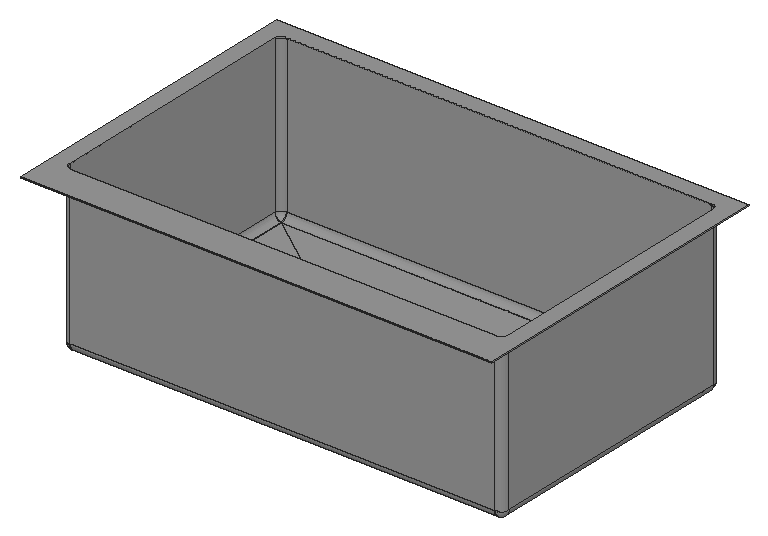
Revit family "BUILDMAT-SNBP005-Boden-700-Stainless-Steel", category Plumbing Fixtures, host Face, Revit 2020
Family settings
  Host = Face
  Round Connector Dimension = Use Diameter
  Part Type = Normal
  Cut with Voids When Loaded = No
  Shared = No
  Room Calculation Point = No
Parameters (values of type "Boden 700x475x250mm")
  Width = 650.0 mm
  Undermount [instance] = 20.0 mm
  URL = "https://www.buildmat.com.au/products/boden-belfast-stainless-steel-farmhouse-sink"
  Model = "SNBP005"  # constant formula
  Manufacturer URL = "https://www.buildmat.com.au/"
  Manufacturer = "BUILDMAT"  # constant formula
  Length = 400.0 mm
  Description = "BUILDMAT - Boden 700x475 Stainless Steel Farmhouse Sink"  # constant formula
  Depth = 250.0 mm
  Default Elevation = 1219.2 mm
  Created By URL = "https://www.buildmat.com.au/"
  Created By = "BUILDMAT"  # constant formula
  Created = "22.06.2022"  # constant formula
  Material = BUILDMAT Stainless Steel
Reference planes
  plane 1 "Center (Front/Back)": y = 0
  plane 2: z = 0
  plane 3 "Center (Left/Right)": x = 0
  plane 4 "Top Substrate": z = -20
  plane 5 "Left": x = -325
  plane 6 "Right": x = 325
  plane 7 "Back": y = 200
  plane 8 "Front": y = -200
  plane 9: x = -350
  plane 10: x = 350
  plane 11: y = -250
  plane 12: y = 225
  plane 13 "Bottom Void": z = -270
  plane 14: z = -18.5
  plane 15: x = -326.5
  plane 16: y = -201.5
  plane 17: x = 326.5
  plane 18: y = 201.5
  plane 19: z = -260
  plane 20: z = -250
  plane 21: x = -315
  plane 22: x = 315
  plane 23: y = -190
  plane 24: y = 190
  plane 25: z = -265
  plane 26: z = -261.5
  plane 27: z = -266.5
  plane 28: x = -100
  plane 29: x = 100
  plane 30 "Sound Pad": z = -150
  plane 31: x = -57
  plane 32: x = 57
  plane 33: x = -45
  plane 34: x = 45
Forms (mm)
  Extrusion 1, void
    sketch origin (0, 0, 0) x (1, 0, 0) y (0, 1, 0)
      loop
        arc (-315, 200) -> (-322.071, 197.071) -> (-325, 190) r 10
        line (-325, 190) -> (-325, -190)
        arc (-325, -190) -> (-322.071, -197.071) -> (-315, -200) r 10
        line (-315, -200) -> (315, -200)
        arc (315, -200) -> (322.071, -197.071) -> (325, -190) r 10
        line (325, -190) -> (325, 190)
        arc (325, 190) -> (322.071, 197.071) -> (315, 200) r 10
        line (315, 200) -> (-315, 200)
    from 0 to -18.5
  Extrusion 2, void
    sketch origin (0, 0, 0) x (1, 0, 0) y (0, 1, 0)
      loop
        line (-326.5, 201.5) -> (-326.5, -201.5) -> (326.5, -201.5) -> (326.5, 201.5) -> (-326.5, 201.5)
    from -20 to -270
  Extrusion 3, void
    sketch origin (0, 0, 0) x (1, 0, 0) y (0, 1, 0)
      loop
        line (-350, 225) -> (-350, -250) -> (350, -250) -> (350, 225) -> (-350, 225)
    from -18.5 to -20
  Extrusion 4, solid, material "BUILDMAT Stainless Steel" <- "Material"
    sketch origin (0, 0, -20) x (-1, 0, 0) y (0, -1, 0)
      loop
        line (350, -225) -> (350, 250) -> (-350, 250) -> (-350, -225) -> (350, -225)
      loop
        arc (315, -200) -> (322.071, -197.071) -> (325, -190) r 10
        line (325, -190) -> (325, 190)
        arc (325, 190) -> (322.071, 197.071) -> (315, 200) r 10
        line (315, 200) -> (-315, 200)
        arc (-315, 200) -> (-322.071, 197.071) -> (-325, 190) r 10
        line (-325, 190) -> (-325, -190)
        arc (-325, -190) -> (-322.071, -197.071) -> (-315, -200) r 10
        line (-315, -200) -> (315, -200)
    from 0 to 1.5
  Extrusion 5, solid, material "BUILDMAT Stainless Steel" <- "Material"
    sketch origin (0, 0, -20) x (-1, 0, 0) y (0, -1, 0)
      loop
        arc (315, -201.5) -> (323.132, -198.132) -> (326.5, -190) r 11.5
        line (326.5, -190) -> (326.5, 190)
        arc (326.5, 190) -> (323.132, 198.132) -> (315, 201.5) r 11.5
        line (315, 201.5) -> (-315, 201.5)
        arc (-315, 201.5) -> (-323.132, 198.132) -> (-326.5, 190) r 11.5
        line (-326.5, 190) -> (-326.5, -190)
        arc (-326.5, -190) -> (-323.132, -198.132) -> (-315, -201.5) r 11.5
        line (-315, -201.5) -> (315, -201.5)
      loop
        arc (-315, 200) -> (-322.071, 197.071) -> (-325, 190) r 10
        line (-325, 190) -> (-325, -190)
        arc (-325, -190) -> (-322.071, -197.071) -> (-315, -200) r 10
        line (-315, -200) -> (315, -200)
        arc (315, -200) -> (322.071, -197.071) -> (325, -190) r 10
        line (325, -190) -> (325, 190)
        arc (325, 190) -> (322.071, 197.071) -> (315, 200) r 10
        line (315, 200) -> (-315, 200)
    from 0 to -230
  Revolve 6, solid, material "BUILDMAT Stainless Steel" <- "Material"
    sketch origin (-175.162, 190, 1219.2) x (-1, 0, 0) y (0, 0, 1)
      loop
        line (-500.162, -1469.2) -> (-501.662, -1469.2)
        arc (-501.662, -1469.2) -> (-498.293, -1477.332) -> (-490.162, -1480.7) r 11.5
        line (-490.162, -1480.7) -> (-490.162, -1479.2)
        arc (-490.162, -1479.2) -> (-497.233, -1476.271) -> (-500.162, -1469.2) r 10
      axis (-490.162, -1480.7) -> (-490.162, -1469.2)
    angle from 0 to -90
  Revolve 7, solid, material "BUILDMAT Stainless Steel" <- "Material"
    sketch origin (-175.162, 190, 1219.2) x (-1, 0, 0) y (0, 0, 1)
      loop
        arc (149.838, -1469.2) -> (146.909, -1476.271) -> (139.838, -1479.2) r 10
        line (139.838, -1479.2) -> (139.838, -1480.7)
        arc (139.838, -1480.7) -> (147.97, -1477.332) -> (151.338, -1469.2) r 11.5
        line (151.338, -1469.2) -> (149.838, -1469.2)
      axis (139.838, -1469.2) -> (139.838, -1480.7)
    angle from 0 to -90
  Revolve 8, solid, material "BUILDMAT Stainless Steel" <- "Material"
    sketch origin (-175.162, -190, 1219.2) x (-1, 0, 0) y (0, 0, 1)
      loop
        arc (149.838, -1469.2) -> (146.909, -1476.271) -> (139.838, -1479.2) r 10
        line (139.838, -1479.2) -> (139.838, -1480.7)
        arc (139.838, -1480.7) -> (147.97, -1477.332) -> (151.338, -1469.2) r 11.5
        line (151.338, -1469.2) -> (149.838, -1469.2)
      axis (139.838, -1469.2) -> (139.838, -1480.7)
    angle from 0 to 90
  Revolve 9, solid, material "BUILDMAT Stainless Steel" <- "Material"
    sketch origin (-175.162, -190, 1219.2) x (-1, 0, 0) y (0, 0, 1)
      loop
        line (-500.162, -1469.2) -> (-501.662, -1469.2)
        arc (-501.662, -1469.2) -> (-498.293, -1477.332) -> (-490.162, -1480.7) r 11.5
        line (-490.162, -1480.7) -> (-490.162, -1479.2)
        arc (-490.162, -1479.2) -> (-497.233, -1476.271) -> (-500.162, -1469.2) r 10
      axis (-490.162, -1469.2) -> (-490.162, -1480.7)
    angle from 0 to 90
  Extrusion 10, solid, material "BUILDMAT Stainless Steel" <- "Material"
    sketch origin (0, 0, 0) x (1, 0, 0) y (0, 0, 1)
      loop
        line (-325, -250) -> (-326.5, -250)
        arc (-326.5, -250) -> (-323.132, -258.132) -> (-315, -261.5) r 11.5
        line (-315, -261.5) -> (-315, -260)
        arc (-315, -260) -> (-322.071, -257.071) -> (-325, -250) r 10
    from -190 to 190
  Extrusion 11, solid, material "BUILDMAT Stainless Steel" <- "Material"
    sketch origin (0, 0, 0) x (1, 0, 0) y (0, 0, 1)
      loop
        arc (325, -250) -> (322.071, -257.071) -> (315, -260) r 10
        line (315, -260) -> (315, -261.5)
        arc (315, -261.5) -> (323.132, -258.132) -> (326.5, -250) r 11.5
        line (326.5, -250) -> (325, -250)
    from -190 to 190
  Extrusion 12, solid, material "BUILDMAT Stainless Steel" <- "Material"
    sketch origin (0, 0, 0) x (0, 1, 0) y (0, 0, 1)
      loop
        arc (200, -250) -> (197.071, -257.071) -> (190, -260) r 10
        line (190, -260) -> (190, -261.5)
        arc (190, -261.5) -> (198.132, -258.132) -> (201.5, -250) r 11.5
        line (201.5, -250) -> (200, -250)
    from -315 to 315
  Extrusion 13, solid, material "BUILDMAT Stainless Steel" <- "Material"
    sketch origin (0, 0, 0) x (0, 1, 0) y (0, 0, 1)
      loop
        line (-200, -250) -> (-201.5, -250)
        arc (-201.5, -250) -> (-198.132, -258.132) -> (-190, -261.5) r 11.5
        line (-190, -261.5) -> (-190, -260)
        arc (-190, -260) -> (-197.071, -257.071) -> (-200, -250) r 10
    from -315 to 315
  Revolve 14, solid, material "BUILDMAT Stainless Steel" <- "Material"
    sketch origin (0, 0, 0) x (1, 0, 0) y (0, 0, 1)
      loop
        line (-45, -270) -> (-45, -268.5)
        spline (-45, -268.5) -> (-46.484, -268.459) -> (-47.939, -268.339) -> (-49.337, -268.141) -> (-50.649, -267.871) -> (-51.848, -267.537) -> (-52.908, -267.151) -> (-53.805, -266.726) -> (-54.514, -266.283) -> (-55.023, -265.856) -> (-55.329, -265.483) -> (-55.468, -265.202) -> (-55.5, -265)
        line (-55.5, -265) -> (-57, -265)
        spline (-57, -265) -> (-56.897, -265.653) -> (-56.591, -266.294) -> (-56.087, -266.913) -> (-55.392, -267.5) -> (-54.52, -268.044) -> (-53.485, -268.536) -> (-52.305, -268.967) -> (-51, -269.33) -> (-49.592, -269.619) -> (-48.106, -269.83) -> (-46.566, -269.957) -> (-45, -270)
      axis (0, -265) -> (0, -270)
    angle from 0 to 360
  Blend 15, solid, material "BUILDMAT Stainless Steel" <- "Material"
    base sketch origin (0, 0, -20) x (-1, 0, 0) y (0, -1, 0)
      loop
        circle (0, 0) r 57
    top sketch origin (0, 0, -20) x (-1, 0, 0) y (0, -1, 0)
      loop
        line (315, -190) -> (315, 190) -> (-315, 190) -> (-315, -190) -> (315, -190)
    from -246.5 to -241.5
  Blend 16, void
    base sketch origin (0, 0, -20) x (-1, 0, 0) y (0, -1, 0)
      loop
        circle (0, 0) r 57
    top sketch origin (0, 0, -20) x (-1, 0, 0) y (0, -1, 0)
      loop
        line (315, -190) -> (315, 190) -> (-315, 190) -> (-315, -190) -> (315, -190)
    from -245 to -240
  Extrusion 17, solid, material "BUILDMAT Stainless Steel" <- "Material"
    sketch origin (0, 0, -20) x (-1, 0, 0) y (0, -1, 0)
      loop
        line (315, -190) -> (315, 190) -> (-315, 190) -> (-315, -190) -> (315, -190)
    from -241.5 to -240
  Extrusion 18, void
    sketch origin (0, 0, -20) x (-1, 0, 0) y (0, -1, 0)
      loop
        circle (0, 0) r 57
    from -250 to -230
Cuts and joins
  joined: Extrusion 4, Extrusion 5
  joined: Revolve 6, Revolve 9
  joined: Revolve 7, Revolve 8
  Blend 16, Extrusion 18 cuts Blend 15
  Blend 16, Extrusion 18 cuts Extrusion 17
  joined: Blend 15, Extrusion 17
Lines and regions (mm)
  Masking region 1
    outline origin (0, 0, 0) x (1, 0, 0) y (0, 0, 1)
      loop
        line (325, -20) -> (-325, -20) -> (-325, -250)
        arc (-325, -250) -> (-322.071, -257.071) -> (-315, -260) r 10
        line (-315, -260) -> (-57, -265) -> (57, -265) -> (315, -260)
        arc (315, -260) -> (322.071, -257.071) -> (325, -250) r 10
        line (325, -250) -> (325, -20)
  Masking region 2
    outline origin (0, 0, 0) x (1, 0, 0) y (0, 0, 1)
      loop
        line (-100, -265.667) -> (-100, -270) -> (-57, -270) -> (-57, -266.5) -> (-100, -265.667)
  Masking region 3
    outline origin (0, 0, 0) x (1, 0, 0) y (0, 0, 1)
      loop
        line (57, -266.5) -> (57, -270) -> (100, -270) -> (100, -265.667) -> (57, -266.5)
  Masking region 4
    outline origin (0, 0, 0) x (1, 0, 0) y (0, 0, 1)
      loop
        line (-350, -20) -> (-350, -250) -> (-326.5, -250) -> (-326.5, -20) -> (-350, -20)
  Masking region 5
    outline origin (0, 0, 0) x (1, 0, 0) y (0, 0, 1)
      loop
        line (326.5, -20) -> (326.5, -250) -> (350, -250) -> (350, -20) -> (326.5, -20)
Text (mm)
  text "Refer to www.buildmat.com.au for the most current product literature. \nAllow a +/- 5mm tolerance for dimensions shown in the product literature. \nPlease note product details are subject to change due to ongoing product development." at (0.056, -1035.857, 0), in view "Ref. Level"
Dimensions and locks
  "Undermount": plane 2 to plane 4 "Top Substrate"
  equal spacing: plane 5 "Left", plane 3 "Center (Left/Right)", plane 6 "Right"
  "Width": plane 5 "Left" to plane 6 "Right"
  "Length": plane 7 "Back" to plane 8 "Front"
  equal spacing: plane 7 "Back", plane 1 "Center (Front/Back)", plane 8 "Front"
  locked: plane 12 to plane 7 "Back" at 25
  locked: plane 8 "Front" to plane 11 at 50
  locked: plane 9 to plane 5 "Left" at 25
  locked: plane 6 "Right" to plane 10 at 25
  "Depth": plane 4 "Top Substrate" to plane 13 "Bottom Void"
  locked: plane 14 to plane 4 "Top Substrate" at 1.5
  locked: plane 18 to plane 7 "Back" at 1.5
  locked: plane 8 "Front" to plane 16 at 1.5
  plane 15 to plane 5 "Left" = 1.5 mm
  plane 6 "Right" to plane 17 = 1.5 mm
  plane 20 to plane 19 to plane 13 "Bottom Void" = 10.0 mm, 10.0 mm
  locked: plane 5 "Left" to plane 21 at 10
  locked: plane 22 to plane 6 "Right" at 10
  locked: plane 7 "Back" to plane 24 at 10
  locked: plane 23 to plane 8 "Front" at 10
  locked: plane 19 to plane 26 at 1.5
  locked: plane 25 to plane 13 "Bottom Void" at 5
  locked: plane 25 to plane 27 at 1.5
  plane 29 to plane 3 "Center (Left/Right)" to plane 28 = 100.0 mm locked, 100.0 mm locked
  locked: plane 30 "Sound Pad" to plane 13 "Bottom Void" at 120
  plane 3 "Center (Left/Right)" to nested 1 = 112.5 mm
  nested 2 to plane 3 "Center (Left/Right)" = 112.5 mm
  plane 33 to plane 3 "Center (Left/Right)" to plane 34 = 45.0 mm locked, 45.0 mm locked
  plane 31 to plane 3 "Center (Left/Right)" to plane 32 = 57.0 mm locked, 57.0 mm locked
  aligned and locked: plane 2 to host face
  aligned and locked: level to host face
  aligned and locked: plane 8 "Front" to Extrusion 1 sketch curve
  aligned and locked: Extrusion 1 sketch curve to plane 7 "Back"
  aligned and locked: plane 5 "Left" to Extrusion 1 sketch curve
  aligned and locked: Extrusion 1 sketch curve to plane 6 "Right"
  aligned and locked: plane 2 to Extrusion 1
  aligned and locked: Extrusion 1 to plane 14
  aligned and locked: Extrusion 2 sketch curve to plane 16
  aligned and locked: Extrusion 2 sketch curve to plane 18
  aligned and locked: plane 15 to Extrusion 2 sketch curve
  aligned and locked: plane 17 to Extrusion 2 sketch curve
  aligned and locked: Extrusion 2 to plane 13 "Bottom Void"
  aligned and locked: plane 4 "Top Substrate" to Extrusion 2
  aligned and locked: Extrusion 3 sketch curve to plane 11
  aligned and locked: plane 9 to Extrusion 3 sketch curve
  aligned and locked: Extrusion 3 sketch curve to plane 10
  aligned and locked: Extrusion 3 sketch curve to plane 12
  aligned and locked: Extrusion 3 to plane 4 "Top Substrate"
  aligned and locked: Extrusion 3 to plane 14
  aligned and locked: Extrusion 4 sketch curve to plane 11
  aligned and locked: Extrusion 4 sketch curve to plane 12
  aligned and locked: plane 9 to Extrusion 4 sketch curve
  aligned and locked: Extrusion 4 sketch curve to plane 10
  aligned and locked: plane 5 "Left" to Extrusion 4 sketch curve
  aligned and locked: Extrusion 4 sketch curve to plane 6 "Right"
  aligned and locked: Extrusion 4 sketch curve to plane 7 "Back"
  aligned and locked: plane 8 "Front" to Extrusion 4 sketch curve
  aligned and locked: Extrusion 5 sketch curve to plane 7 "Back"
  aligned and locked: plane 5 "Left" to Extrusion 5 sketch curve
  aligned and locked: Extrusion 5 sketch curve to plane 6 "Right"
  aligned and locked: plane 8 "Front" to Extrusion 5 sketch curve
  aligned and locked: plane 15 to Extrusion 5 sketch curve
  aligned and locked: Extrusion 5 sketch curve to plane 16
  aligned and locked: plane 17 to Extrusion 5 sketch curve
  aligned and locked: Extrusion 5 sketch curve to plane 18
  aligned and locked: Extrusion 5 to plane 20
  aligned and locked: plane 4 "Top Substrate" to Extrusion 5
  aligned and locked: Extrusion 11 to plane 23
  aligned and locked: plane 24 to Extrusion 11
  aligned and locked: plane 24 to Extrusion 10
  aligned and locked: Extrusion 10 to plane 23
  aligned and locked: Extrusion 13 to plane 21
  aligned and locked: plane 22 to Extrusion 13
  aligned and locked: plane 22 to Extrusion 12
  aligned and locked: Extrusion 12 to plane 21
  aligned and locked: plane 21 to Blend 15 sketch curve
  aligned and locked: Blend 15 sketch curve to plane 22
  aligned and locked: Blend 15 sketch curve to plane 23
  aligned and locked: Blend 15 sketch curve to plane 24
  aligned and locked: plane 27 to Blend 15
  aligned and locked: Blend 15 to plane 26
  aligned and locked: Blend 16 sketch curve to plane 24
  aligned and locked: plane 21 to Blend 16 sketch curve
  aligned and locked: Blend 16 sketch curve to plane 22
  aligned and locked: Blend 16 sketch curve to plane 23
  aligned and locked: Blend 16 to plane 25
  aligned and locked: Blend 16 to plane 19
  aligned and locked: Extrusion 17 sketch curve to plane 24
  aligned and locked: Extrusion 17 sketch curve to plane 23
  aligned and locked: plane 21 to Extrusion 17 sketch curve
  aligned and locked: Extrusion 17 sketch curve to plane 22
  aligned and locked: Extrusion 17 to plane 26
  aligned and locked: Extrusion 17 to plane 19
  aligned and locked: Extrusion 18 to plane 13 "Bottom Void"
  aligned and locked: plane 20 to Extrusion 18
  aligned and locked: cut or joined group of Blend 15, Blend 16, Extrusion 17, Extrusion 18 to Masking region 2 sketch curve
  aligned and locked: Masking region 3 sketch curve to cut or joined group of Blend 15, Blend 16, Extrusion 17, Extrusion 18
  aligned and locked: nested 1 to plane 30 "Sound Pad"
  aligned and locked: nested 2 to plane 30 "Sound Pad"
  aligned and locked: nested 3 to plane 23
  aligned and locked: nested 3 to plane 24
  aligned and locked: plane 22 to nested 3
  aligned and locked: plane 21 to nested 3
  aligned and locked: plane 3 "Center (Left/Right)" to nested 4
  aligned and locked: plane 1 "Center (Front/Back)" to nested 4
  aligned and locked: plane 4 "Top Substrate" to Masking region 1
  aligned and locked: plane 20 to Masking region 4 sketch curve
  aligned and locked: plane 9 to Masking region 4 sketch curve
  aligned and locked: Masking region 4 sketch curve to plane 15
  aligned and locked: Masking region 4 sketch curve to plane 4 "Top Substrate"
  aligned and locked: Masking region 5 sketch curve to plane 17
  aligned and locked: Masking region 5 sketch curve to plane 4 "Top Substrate"
  aligned and locked: Masking region 5 sketch curve to plane 10
  aligned and locked: Masking region 5 sketch curve to plane 20
Automatic sketch dimensions
  host sketch curve to host sketch curve = 2438.4 mm  (x2)
  plane 5 "Left" to Extrusion 1 sketch curve = 10.0 mm  (x2)
  Extrusion 1 sketch curve to plane 6 "Right" = 10.0 mm  (x2)
  Extrusion 4 sketch curve to Extrusion 4 sketch curve = 10.0 mm  (x2)
  plane 5 "Left" to Extrusion 4 sketch curve = 10.0 mm
  plane 8 "Front" to Extrusion 4 sketch curve = 10.0 mm
  plane 5 "Left" to Extrusion 5 sketch curve = 10.0 mm
  Extrusion 5 sketch curve to plane 6 "Right" = 10.0 mm
  plane 8 "Front" to Extrusion 5 sketch curve = 10.0 mm
  Extrusion 5 sketch curve to plane 7 "Back" = 10.0 mm
  Extrusion 5 sketch curve to Extrusion 5 sketch curve = 0.0 mm  (x4)
  Revolve 6 sketch curve to Revolve 6 sketch curve = 0.0 mm  (x3)
  plane 17 to Revolve 6 sketch curve = 0.0 mm
  Revolve 6 sketch curve to plane 6 "Right" = 0.0 mm
  Revolve 6 sketch curve to plane 22 = 0.0 mm  (x2)
  Revolve 6 sketch curve to plane 19 = 0.0 mm
  Revolve 6 sketch curve to plane 20 = 0.0 mm
  Revolve 7 sketch curve to Revolve 7 sketch curve = 0.0 mm  (x3)
  Revolve 7 sketch curve to plane 20 = 0.0 mm  (x2)
  Revolve 7 sketch curve to plane 21 = 0.0 mm  (x2)
  Revolve 7 sketch curve to plane 5 "Left" = 0.0 mm
  Revolve 7 sketch curve to plane 15 = 0.0 mm
  Revolve 8 sketch curve to Revolve 8 sketch curve = 0.0 mm  (x3)
  Revolve 8 sketch curve to plane 20 = 0.0 mm  (x2)
  Revolve 8 sketch curve to plane 21 = 0.0 mm  (x2)
  Revolve 8 sketch curve to plane 5 "Left" = 0.0 mm
  Revolve 8 sketch curve to plane 15 = 0.0 mm
  Revolve 9 sketch curve to Revolve 9 sketch curve = 0.0 mm  (x3)
  plane 17 to Revolve 9 sketch curve = 0.0 mm
  Revolve 9 sketch curve to plane 6 "Right" = 0.0 mm
  Revolve 9 sketch curve to plane 22 = 0.0 mm  (x2)
  Revolve 9 sketch curve to plane 20 = 0.0 mm
  Revolve 9 sketch curve to plane 19 = 0.0 mm
  Extrusion 10 sketch curve to plane 15 = 0.0 mm
  Extrusion 10 sketch curve to plane 5 "Left" = 0.0 mm
  Extrusion 10 sketch curve to plane 19 = 0.0 mm
  Extrusion 10 sketch curve to plane 21 = 0.0 mm
  Extrusion 11 sketch curve to plane 20 = 0.0 mm
  Extrusion 11 sketch curve to plane 22 = 0.0 mm
  Extrusion 11 sketch curve to plane 6 "Right" = 0.0 mm
  plane 17 to Extrusion 11 sketch curve = 0.0 mm
  Extrusion 12 sketch curve to plane 20 = 0.0 mm
  Extrusion 12 sketch curve to plane 24 = 0.0 mm
  Extrusion 12 sketch curve to plane 7 "Back" = 0.0 mm
  Extrusion 12 sketch curve to plane 18 = 0.0 mm
  Extrusion 13 sketch curve to plane 16 = 0.0 mm
  Extrusion 13 sketch curve to plane 8 "Front" = 0.0 mm
  Extrusion 13 sketch curve to plane 23 = 0.0 mm
  Extrusion 13 sketch curve to plane 19 = 0.0 mm
  Revolve 14 sketch curve to plane 25 = 0.0 mm
  Revolve 14 sketch curve to plane 13 "Bottom Void" = 0.0 mm  (x2)
  Revolve 14 sketch curve to plane 3 "Center (Left/Right)" = 0.0 mm
  Revolve 14 sketch curve to plane 20 = 0.0 mm
  Revolve 14 sketch curve to plane 3 "Center (Left/Right)" = 45.0 mm
  Revolve 14 sketch curve to Revolve 14 sketch curve = 10.5 mm
  Revolve 14 sketch curve to Revolve 14 sketch curve = 1.5 mm  (x2)
  Revolve 14 sketch curve to Revolve 14 sketch curve = 0.0 mm
  plane 1 "Center (Front/Back)" to Blend 15 sketch curve = 0.0 mm
  Blend 15 sketch curve to plane 3 "Center (Left/Right)" = 0.0 mm
  plane 1 "Center (Front/Back)" to Blend 16 sketch curve = 0.0 mm
  Blend 16 sketch curve to plane 3 "Center (Left/Right)" = 0.0 mm
  plane 1 "Center (Front/Back)" to Extrusion 18 sketch curve = 0.0 mm
  Extrusion 18 sketch curve to plane 3 "Center (Left/Right)" = 0.0 mm
  Masking region 1 sketch curve to level = 20.0 mm
  Masking region 1 sketch curve to plane 20 = 0.0 mm
  Masking region 1 sketch curve to plane 21 = 0.0 mm
  Masking region 1 sketch curve to plane 25 = 0.0 mm
  Masking region 1 sketch curve to plane 3 "Center (Left/Right)" = 57.0 mm
  plane 3 "Center (Left/Right)" to Masking region 1 sketch curve = 57.0 mm
  Masking region 1 sketch curve to plane 19 = 0.0 mm
  Masking region 1 sketch curve to plane 22 = 0.0 mm
  Masking region 1 sketch curve to plane 6 "Right" = 0.0 mm
  Masking region 1 sketch curve to plane 5 "Left" = 0.0 mm
  Masking region 2 sketch curve to plane 28 = 0.0 mm
  Masking region 2 sketch curve to plane 13 "Bottom Void" = 0.0 mm
  Masking region 2 sketch curve to plane 27 = 0.0 mm
  Masking region 3 sketch curve to plane 27 = 0.0 mm
  Masking region 3 sketch curve to plane 13 "Bottom Void" = 0.0 mm
  Masking region 3 sketch curve to plane 29 = 0.0 mm
  radius of Blend 15 sketch curve = 57.0 mm
  radius of Blend 16 sketch curve = 57.0 mm
  radius of Extrusion 18 sketch curve = 57.0 mm
Nested families
  nested 1: "SP_Front" at (-112.5, 0, -150) x (1, 0, 0) z (0, -1, 0), type "SP_Front", not visible
  nested 2: "SP_Front" at (112.5, 0, -150) x (1, 0, 0) z (0, -1, 0), type "SP_Front", not visible
  nested 3: "BOWL Plan" at (0, 0, -150), type "BOWL Plan"
    with Width 630.0 mm, Lenght 380.0 mm
  nested 4: "DRAIN" at (0, 0, -20), type "DRAIN"
Definition of nested family "SP_Front"
  Reference planes
    plane 1 "Center (Elevation)": y = 0
    plane 2: z = 0
    plane 3 "Center (Left/Right)": x = 0
  Lines and regions (mm)
    Masking region 1, in view "Ref. Level"
      outline origin (0, 0, 0) x (1, 0, 0) y (0, 1, 0)
        loop
          arc (-50, 40) -> (-57.071, 37.071) -> (-60, 30) r 10
          line (-60, 30) -> (-60, -30)
          arc (-60, -30) -> (-57.071, -37.071) -> (-50, -40) r 10
          line (-50, -40) -> (50, -40)
          arc (50, -40) -> (57.071, -37.071) -> (60, -30) r 10
          line (60, -30) -> (60, 30)
          arc (60, 30) -> (57.071, 37.071) -> (50, 40) r 10
          line (50, 40) -> (-50, 40)
    detail lines, in view "Ref. Level"
      curve 1: line (-50, 40, 0) -> (50, 40, 0)
      curve 2: line (50, -40, 0) -> (-50, -40, 0)
      curve 3: line (60, 30, 0) -> (60, -30, 0)
      curve 4: line (-60, 30, 0) -> (-60, -30, 0)
      curve 5: arc (-50, 40, 0) -> (-57.071, 37.071, 0) -> (-60, 30, 0) r 10
      curve 6: arc (-60, -30, 0) -> (-57.071, -37.071, 0) -> (-50, -40, 0) r 10
      curve 7: arc (50, -40, 0) -> (57.071, -37.071, 0) -> (60, -30, 0) r 10
      curve 8: arc (60, 30, 0) -> (57.071, 37.071, 0) -> (50, 40, 0) r 10
  Dimensions and locks
    aligned and locked: Masking region 1 sketch curve to curve 1
    aligned and locked: Masking region 1 sketch curve to curve 4
    aligned and locked: Masking region 1 sketch curve to curve 2
    aligned and locked: Masking region 1 sketch curve to curve 3
Definition of nested family "BOWL Plan"
  Parameters (values of type "BOWL Plan")
    Width [instance] = 600.0 mm
    Lenght [instance] = 400.0 mm
  Reference planes
    plane 1 "Center (Front/Back)": y = 0
    plane 2: z = 0
    plane 3 "Center (Left/Right)": x = 0
    plane 4 "Left": x = -300
    plane 5 "Right": x = 300
    plane 6 "Back": y = 200
    plane 7 "Front": y = -200
  Lines and regions (mm)
    Masking region 1, in view "Ref. Level"
      outline origin (0, 0, 0) x (1, 0, 0) y (0, 1, 0)
        loop
          line (-300, 200) -> (-300, -200) -> (300, -200) -> (300, 200) -> (-300, 200)
    detail lines, in view "Ref. Level"
      curve 1: line (-300, 200, 0) -> (300, -200, 0)
      curve 2: line (-300, -200, 0) -> (300, 200, 0)
  Dimensions and locks
    equal spacing: plane 6 "Back", plane 1 "Center (Front/Back)", plane 7 "Front"
    "Lenght": plane 6 "Back" to plane 7 "Front"
    equal spacing: plane 4 "Left", plane 3 "Center (Left/Right)", plane 5 "Right"
    "Width": plane 4 "Left" to plane 5 "Right"
    aligned and locked: plane 4 "Left" to Masking region 1 sketch curve
    aligned and locked: Masking region 1 sketch curve to plane 5 "Right"
    aligned and locked: plane 7 "Front" to Masking region 1 sketch curve
    aligned and locked: Masking region 1 sketch curve to plane 6 "Back"
  Automatic sketch dimensions
    curve 2 to plane 4 "Left" = 0.0 mm
    curve 1 to plane 4 "Left" = 0.0 mm
    curve 2 to plane 5 "Right" = 0.0 mm
    curve 1 to plane 5 "Right" = 0.0 mm
    curve 1 to plane 7 "Front" = 0.0 mm
    curve 2 to plane 7 "Front" = 0.0 mm
    curve 2 to plane 6 "Back" = 0.0 mm
    curve 1 to plane 6 "Back" = 0.0 mm
Definition of nested family "DRAIN"
  Reference planes
    plane 1 "Center (Front/Back)": y = 0
    plane 2: z = 0
    plane 3 "Center (Left/Right)": x = 0
  Lines and regions (mm)
    Masking region 1, in view "Ref. Level"
      outline origin (0, 0, 0) x (1, 0, 0) y (0, 1, 0)
        loop
          circle (0, 0) r 57
    detail lines, in view "Ref. Level"
      curve 1: circle (0, 0, 0) r 45 normal (0, 0, 1)
      curve 2: circle (0, 0, 0) r 55.5 normal (0, 0, 1)
